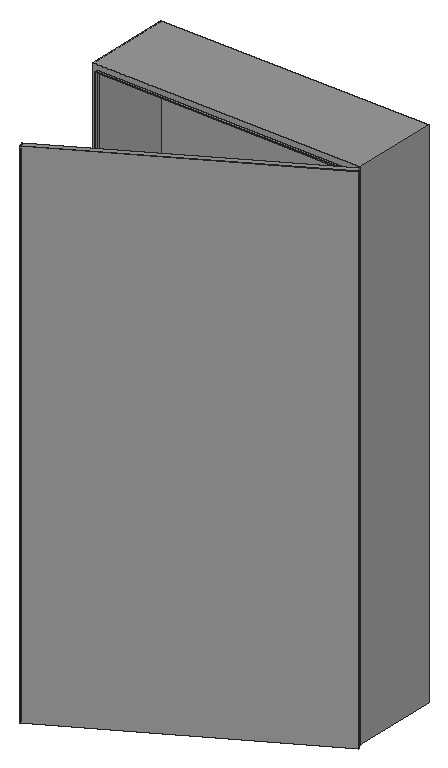
Revit family "Hager-Univers-IP55-D275-H1550-Cl.I-Steel_encl-NoHosted-DE-de", category Equipement électrique, Revit 2020
Family settings
  Configuration du panneau = Deux colonnes, circuits au sein
  Cote de connecteur circulaire = Utiliser le diamètre
  Type d'élément = Tableau de raccordement
  Basée sur le plan de construction = Oui
  Toujours verticalement = Oui
  Couper avec des vides une fois chargée = Non
  Partagée = Non
  Point de calcul de pièce = Non
Parameters (values of type "Aufputz IP55 B800 H1550 T275  - FR03E")
  Width Control [instance] = if([EF000008 - Breite] > Min Width, [EF000008 - Breite], Min Width)  # 800 mm
  Commentaires du type = [HG000003 - Bereich]  # "Univers"
  Thickness Door [instance] = if([EF009171 - Materialstärke Tür/Deckel] > 3 mm, 3 mm, [EF009171 - Materialstärke Tür/Deckel])  # 1.5 mm
  Seal Frame Offset [instance] = 17 mm  # constant formula
  Plinth Visibility [instance] = [HG000027 - Sockelhöhe] > 0 mm  # no
  Min Width [instance] = 100 mm  # constant formula
  Min Depth [instance] = (2 * [EF009170 - Materialstärke Gehäuse]) + 1 mm  # 4 mm
  Min Height [instance] = 100 mm  # constant formula
  Internal Frame Depth [instance] = (Door System Depth * 0.5)  # 9 mm
  Panel Name [instance] = ""  # (empty or 0)
  Model = ""
  HG000027 - Sockelhöhe = 0 mm
  HG000026 - Stehend auf dem Boden = no
  HG000024 - Höhe des unteren Teils = 600 mm
  HG000023 - Gehäuse mit doppeltem Querschnitt = no
  HG000016 - 3D-Türsichtbarkeit [instance] = yes
  HG000015 - Sichtbarkeit der Türöffnung [instance] = no
  HG000014 - Tür rechts [instance] = yes
  HG000013 - Tür links [instance] = not([HG000014 - Tür rechts])  # no
  HG000012 - Türschwenkwinkel [instance] = 30.00°
  HG000010 - Asymmetrische Türen = no
  HG000009 - Doppelflügeligen Tür = no
  HG000006 - Unterputz = no
  HG000004 - Herstellerreferenz = "FR03E"
  HG000003 - Bereich = "Univers"
  HG000002 - Mit tür = yes
  Frame Offset Bottom [instance] = 10 mm  # constant formula
  Frame Offset [instance] = 15 mm  # constant formula
  EF015940 - Deckel mit Überdruckentlastung = no
  EF011959 - Schutzart (NEMA) = ""
  EF009554 - Anzahl der Öffnungen für Flanschplatten = 6
  EF009212 - Ausführung Deckel = "EV000116 - geschlossen"
  EF009171 - Materialstärke Tür/Deckel = 1.5 mm
  EF009170 - Materialstärke Gehäuse = 1.5 mm
  EF008873 - Nennstrom (In) = 800 A
  EF007800 - Geeignet für Blitzschutz = no
  EF006306 - Mit Schloss = no
  EF006244 - Transparenter Deckel/Tür = no
  EF005474 - Schutzart (IP) = "EV006420 - IP55"
  EF004464 - Art der Tür = "EV002646 - Einzel"
  EF004427 - Anzahl der Module = 360
  EF004293 - Schlagfestigkeit = "EV008784 - IK10"
  EF003532 - Geeignet für Außengebrauch = no
  EF002950 - Breite in Teilungseinheiten = 24
  EF001613 - Funktionserhalt = "EV000494 - ohne"
  EF001596 - Werkstoff des Gehäuses = "EV000179 - Stahl"
  EF001131 - Innentiefe = 275 mm
  EF001088 - Anbaumöglichkeit = yes
  EF000437 - Anzahl der Leitungseinführungen = 6
  EF000339 - Art der Abdeckung = "EV004216 - Tür"
  EF000266 - Anzahl der Reihen = 10
  EF000218 - Einbautiefe = 0 mm
  EF000118 - Mit Montageplatte = no
  EF000116 - RAL-Nummer = "7035"
  EF000049 - Tiefe = 275 mm
  EF000040 - Höhe = 1550 mm
  EF000008 - Breite = 800 mm
  EF000007 - Farbe = "EV000270 - grau"
  EF000003 - Montageart = "EV000384 - Aufputz"
  Door System Leaf Tolerance [instance] = 1.5 mm  # constant formula
  Door System Depth [instance] = 18 mm  # constant formula
  Door Height [instance] = Height Control - [HG000027 - Sockelhöhe]  # 1550 mm
  Description = ""
  Default Elevation = 1219.2 mm
  Connector Offset [instance] = Height Control / 2  # 775 mm
  Fabricant = "Hager"  # constant formula
  Height Control [instance] = if([EF000040 - Höhe] > Min Height, [EF000040 - Höhe], Min Height)  # 1550 mm
  Depth Control [instance] = if([EF000049 - Tiefe] > Min Depth, [EF000049 - Tiefe], Min Depth)  # 275 mm
  Bottom Top Plate Trim [instance] = 1.5 mm  # constant formula
  Plinth height Ctrl [instance] = if([HG000027 - Sockelhöhe] > 0 mm, [HG000027 - Sockelhöhe], 12 mm)  # 12 mm
Types (5, lengths in mm): name | Width Control | HG000010 - Asymmetrische Türen | HG000009 - Doppelflügeligen Tür | HG000004 - Herstellerreferenz | EF009554 - Anzahl der Öffnungen für Flanschplatten | EF004464 - Art der Tür | EF004427 - Anzahl der Module | EF000437 - Anzahl der Leitungseinführungen | EF000008 - Breite
  Aufputz IP55 B1050 H1550 T275  - FR04E | 1050 | no | yes | "FR04E" | 8 | "EV003602 - Doppel" | 480 | 8 | 1050
  Aufputz IP55 B1300 H1550 T275  - FR05E | 1300 | yes | yes | "FR05E" | 10 | "EV003602 - Doppel" | 600 | 10 | 1300
  Aufputz IP55 B300 H1550 T275  - FR01E | 300 | no | no | "FR01E" | 2 | "EV002646 - Einzel" | 120 | 2 | 300
  Aufputz IP55 B550 H1550 T275  - FR02E | 550 | no | no | "FR02E" | 4 | "EV002646 - Einzel" | 240 | 4 | 550
  Aufputz IP55 B800 H1550 T275  - FR03E | 800 | no | no | "FR03E" | 6 | "EV002646 - Einzel" | 360 | 6 | 800
Reference planes
  plane 1 "Center (Front/Back)": y = 0
  plane 2: z = 0
  plane 3 "Center (Left/Right)": x = 0
  plane 4: y = 0
  plane 5: y = 0
  plane 6: z = 0
  plane 7: x = -400
  plane 8: x = 400
  plane 9: x = 398.5
  plane 10: x = -398.5
  plane 11: z = 0
  plane 12: z = 1.5
  plane 13: y = -275
  plane 14: y = -1.5
  plane 15: x = 0
  plane 16: y = -257
  plane 17: y = -273.5
  plane 18: y = -255.5
  plane 19: x = -383.5
  plane 20: x = 383.5
  plane 21: z = 11.5
  plane 22: x = -383
  plane 23: x = 383
  plane 24: z = 0
  plane 25: z = 1550
  plane 26: z = 1550
  plane 27: z = 1533.5
  plane 28: z = 1548.5
Forms (mm)
  Extrusion 1, solid, material "Hager_Steel_RAL7035_Light_Grey", detail levels medium+fine
    sketch origin (-208.679, -4572, 0) x (-1, 0, 0) y (0, -1, 0)
      loop
        line (191.321, -4315) -> (-608.679, -4315) -> (-608.679, -4572) -> (191.321, -4572) -> (191.321, -4315)
    from 0 to 1550
  Extrusion 2, void
    sketch origin (-350.771, -275, 1219.2) x (1, 0, 0) y (0, 0, 1)
      loop
        line (-47.729, 329.3) -> (-47.729, -1217.7) -> (749.271, -1217.7) -> (749.271, 329.3) -> (-47.729, 329.3)
    from -19.5 to -273.5
  Extrusion 3, void
    sketch origin (-290.084, -257, 1219.2) x (1, 0, 0) y (0, 0, 1)
      loop
        line (-93.416, -1207.7) -> (673.584, -1207.7) -> (673.584, 314.3) -> (-93.416, 314.3) -> (-93.416, -1207.7)
    from 0 to -1.5
  Extrusion 4, solid, material "Hager_Steel_RAL7035_Light_Grey", visible <- "Plinth Visibility", detail levels medium+fine
    sketch origin (0, 0, 0) x (1, 0, 0) y (0, 1, 0)
      loop
        line (-400, 0) -> (-400, -257) -> (400, -257) -> (400, 0) -> (-400, 0)
    from 0 to 12 <- "Plinth height Ctrl"
  Extrusion 5, solid, material "Hager_Steel_RAL7035_Light_Grey", detail levels coarse
    sketch origin (0, 0, 0) x (1, 0, 0) y (0, 1, 0)
      loop
        line (-400, 0) -> (-400, -275) -> (400, -275) -> (400, 0) -> (-400, 0)
    from 0 to 1550 <- "Height Control"
  Sweep 6, void
    path in 3D
      loop
        line (-400, -257, 12) -> (400, -257, 12) -> (400, 0, 12) -> (-400, 0, 12) -> (-400, -257, 12)
    profile origin (-400, -128.5, 12) x (1, 0, 0) y (0, 0, 1)
      loop
        line (0, 0) -> (0, -1.5) -> (1.5, -1.5)
        arc (1.5, -1.5) -> (1.061, -0.439) -> (0, 0) r 1.5
  Extrusion 7, solid, material "Hager_Steel_RAL7035_Light_Grey", detail levels fine
    sketch origin (-400, -257, 0) x (1, 0, 0) y (0, 0, 1)
      loop
        line (16.5, 11.5) -> (783.5, 11.5) -> (783.5, 1533.5) -> (16.5, 1533.5) -> (16.5, 11.5)
      loop
        line (15, 10) -> (785, 10) -> (785, 1535) -> (15, 1535) -> (15, 10)
    from 0 to 9 <- "Internal Frame Depth"
Cuts and joins
  Extrusion 2, Extrusion 3 cuts Extrusion 1
  Sweep 6 cuts Extrusion 4
Lines and regions (mm)
  Masking region 1
    outline origin (0, 0, 0) x (1, 0, 0) y (0, 1, 0)
      loop
        line (-400, 0) -> (-400, -275) -> (400, -275) -> (400, 0) -> (-400, 0)
  Masking region 2, detail levels coarse
    outline origin (-290.084, -257, 1219.2) x (-1, 0, 0) y (0, 0, 1)
      loop
        line (-690.084, -1219.2) -> (109.916, -1219.2) -> (109.916, 330.8) -> (-690.084, 330.8) -> (-690.084, -1219.2)
  Masking region 3, detail levels coarse
    outline origin (0, 0, 0) x (0, 1, 0) y (0, 0, 1)
      loop
        line (0, 0) -> (0, 1550) -> (-275, 1550) -> (-275, 0) -> (0, 0)
  Masking region 4, visible <- "Plinth Visibility", detail levels medium+fine
    outline origin (0, 0, 0) x (0, 1, 0) y (0, 0, 1)
      loop
        line (-1.5, 12) -> (-255.5, 12)
        arc (-255.5, 12) -> (-255.939, 10.939) -> (-257, 10.5) r 1.5
        line (-257, 10.5) -> (-257, 0) -> (0, 0) -> (0, 10.5)
        arc (0, 10.5) -> (-1.061, 10.939) -> (-1.5, 12) r 1.5
  Masking region 5, detail levels medium+fine
    outline origin (0, 0, 594.038) x (0, 1, 0) y (0, 0, 1)
      loop
        line (0, -594.038) -> (0, 955.962) -> (-257, 955.962) -> (-257, -594.038) -> (0, -594.038)
  Masking region 6, detail levels medium+fine
    outline origin (-359.7, -257, 1211.883) x (-1, 0, 0) y (0, 0, 1)
      loop
        line (-759.7, -1211.883) -> (40.3, -1211.883) -> (40.3, 338.117) -> (-759.7, 338.117) -> (-759.7, -1211.883)
  Masking region 7, visible <- "Plinth Visibility", detail levels medium+fine
    outline origin (-320.334, -257, 1041.368) x (-1, 0, 0) y (0, 0, 1)
      loop
        line (-720.334, -1041.368) -> (79.666, -1041.368) -> (79.666, -1030.868)
        arc (79.666, -1030.868) -> (78.606, -1030.429) -> (78.166, -1029.368) r 1.5
        line (78.166, -1029.368) -> (-718.834, -1029.368)
        arc (-718.834, -1029.368) -> (-719.273, -1030.429) -> (-720.334, -1030.868) r 1.5
        line (-720.334, -1030.868) -> (-720.334, -1041.368)
  sketch lines
    curve 1: line (-400, 0, 12) -> (-400, -257, 12)
    curve 2: line (-400, -257, 12) -> (400, -257, 12)
    curve 3: line (400, 0, 12) -> (-400, 0, 12)
    curve 4: line (400, -257, 12) -> (400, 0, 12)
Dimensions and locks
  locked: plane 1 "Center (Front/Back)" to plane 5
  "EF009170 - Materialstärke Gehäuse": plane 7 to plane 10
  "EF009170 - Materialstärke Gehäuse": plane 8 to plane 9
  equal spacing: plane 7, plane 3 "Center (Left/Right)", plane 8
  "Width Control": plane 7 to plane 8
  "Depth Control": plane 4 to plane 13
  "EF009170 - Materialstärke Gehäuse": plane 4 to plane 14
  "Height Control": plane 25 to level
  "HG000027 - Sockelhöhe": plane 11 to level
  "EF009170 - Materialstärke Gehäuse": plane 12 to plane 11
  "EF009170 - Materialstärke Gehäuse": plane 17 to plane 13
  "EF009170 - Materialstärke Gehäuse": plane 18 to plane 16
  "Frame Offset Bottom": plane 21 to plane 12
  "Frame Offset": plane 10 to plane 19
  "Frame Offset": plane 9 to plane 20
  "Door System Depth": plane 16 to plane 13
  "Seal Frame Offset": plane 7 to plane 22
  "Seal Frame Offset": plane 8 to plane 23
  "EF009170 - Materialstärke Gehäuse": plane 26 to plane 28
  "Frame Offset": plane 28 to plane 27
  "Connector Offset": plane 2 to connector elem
  "Bottom Top Plate Trim": profile plane to Sweep 6 sketch curve
  "Bottom Top Plate Trim": Sweep 6 sketch curve to Sweep 6 sketch curve
  "Plinth height Ctrl": Masking region 4 sketch curve to level
  "Plinth height Ctrl": Masking region 7 sketch curve to level
  "Thickness Door": Extrusion 7 sketch curve to Extrusion 7 sketch curve  (x4)
  "Bottom Top Plate Trim": radius of Sweep 6 sketch curve
  "Bottom Top Plate Trim": radius of Masking region 4 sketch curve  (x2)
  "Bottom Top Plate Trim": radius of Masking region 7 sketch curve  (x2)
  aligned and locked: Extrusion 2 sketch curve to plane 12
  aligned and locked: Extrusion 2 sketch curve to plane 9
  aligned and locked: Extrusion 2 sketch curve to plane 10
  aligned and locked: Extrusion 2 to plane 14
  aligned and locked: Extrusion 1 sketch curve to plane 4
  aligned and locked: plane 8 to Extrusion 1 sketch curve
  aligned and locked: plane 7 to Extrusion 1 sketch curve
  aligned and locked: Extrusion 2 to plane 18
  aligned and locked: Extrusion 3 sketch curve to plane 19
  aligned and locked: plane 20 to Extrusion 3 sketch curve
  aligned and locked: Extrusion 3 to Extrusion 2
  aligned and locked: Extrusion 3 sketch curve to plane 21
  aligned and locked: plane 3 "Center (Left/Right)" to nested 1
  aligned and locked: Extrusion 1 sketch curve to plane 16
  aligned and locked: Extrusion 4 sketch curve to cut or joined group of Extrusion 1, Extrusion 2, Extrusion 3
  aligned and locked: Masking region 1 sketch curve to plane 7
  aligned and locked: Masking region 1 sketch curve to plane 5
  aligned and locked: Masking region 1 sketch curve to plane 8
  aligned and locked: Masking region 2 sketch curve to level
  aligned and locked: level to Masking region 3 sketch curve
  aligned and locked: plane 1 "Center (Front/Back)" to Masking region 3 sketch curve
  aligned and locked: plane 13 to Masking region 3 sketch curve
  aligned and locked: plane 5 to Masking region 4 sketch curve
  aligned and locked: Masking region 2 sketch curve to plane 8
  aligned and locked: Masking region 2 sketch curve to plane 7
  aligned and locked: plane 7 to nested 2
  aligned and locked: nested 2 to plane 5
  aligned and locked: plane 5 to Masking region 5 sketch curve
  aligned and locked: plane 26 to Masking region 5 sketch curve
  aligned and locked: Extrusion 5 sketch curve to plane 8
  aligned and locked: Extrusion 5 sketch curve to plane 7
  aligned and locked: Extrusion 5 sketch curve to plane 5
  aligned and locked: Extrusion 3 sketch curve to plane 27
  aligned and locked: Extrusion 2 sketch curve to plane 28
  aligned and locked: Masking region 2 to plane 25
  aligned and locked: Extrusion 4 to plane 16
  aligned and locked: profile plane to Sweep 6 sketch curve
  aligned and locked: Masking region 5 sketch curve to plane 24
  aligned and locked: level to Masking region 4 sketch curve
  aligned and locked: Masking region 1 to plane 13
  aligned and locked: nested 1 to plane 16
  aligned and locked: Masking region 3 to plane 25
  aligned and locked: plane 16 to Masking region 4 sketch curve
  aligned and locked: Masking region 5 sketch curve to plane 16
  aligned and locked: plane 24 to plane 11
  aligned and locked: plane 26 to plane 25
  aligned and locked: plane 26 to cut or joined group of Extrusion 1, Extrusion 2, Extrusion 3
  aligned and locked: nested 1 to plane 24
  aligned and locked: Extrusion 1 to Extrusion 3
  aligned and locked: Masking region 6 sketch curve to plane 8
  aligned and locked: Masking region 6 sketch curve to plane 24
  aligned and locked: Masking region 6 sketch curve to plane 7
  aligned and locked: Masking region 6 sketch curve to plane 26
  aligned and locked: Masking region 7 sketch curve to plane 7
  aligned and locked: level to Masking region 7 sketch curve
  aligned and locked: Masking region 7 sketch curve to plane 8
  aligned and locked: Extrusion 7 sketch curve to cut or joined group of Extrusion 1, Extrusion 2, Extrusion 3  (x4)
Automatic sketch dimensions
  plane 19 to Extrusion 3 sketch curve = 0 mm
  Extrusion 3 sketch curve to plane 20 = 0 mm
  Extrusion 3 sketch curve to plane 21 = 0 mm
  Extrusion 4 sketch curve to plane 7 = 0 mm
  Extrusion 4 sketch curve to plane 8 = 0 mm
  Extrusion 4 sketch curve to plane 16 = 0 mm
  Masking region 1 sketch curve to plane 13 = 0 mm
  Masking region 2 sketch curve to plane 25 = 0 mm
  Masking region 3 sketch curve to plane 25 = 0 mm
  Extrusion 5 sketch curve to plane 13 = 0 mm
  profile plane to Sweep 6 sketch curve = 0 mm
Nested families
  nested 1: "EC000058_Univers_Door" at (0, -257, 0), Double <- "HG000009 - Doppelflügeligen Tür", Transparent <- "EF006244 - Transparenter Deckel/Tür", Angle <- "HG000012 - Türschwenkwinkel", Door_Right <- "HG000014 - Tür rechts", Assymetrical <- "HG000010 - Asymmetrische Türen", Door <- "HG000002 - Mit tür", Width_Ctrl <- "Width Control", 3d_Door <- "HG000016 - 3D-Türsichtbarkeit", Clearance <- "HG000015 - Sichtbarkeit der Türöffnung", Door_Left <- "HG000013 - Tür links", Width <- "Width Control", Door_Depth <- "Door System Depth", Leaf_Tolerance <- "Door System Leaf Tolerance", Height <- "Door Height", Lock_Visibility <- "EF006306 - Mit Schloss", Thickness <- "Thickness Door", type "EC000058_Univers_Door", detail levels medium+fine
    with min_wh 4 mm, Width_Ctrl 800 mm, Width 800 mm, Transparent no, Thickness 1.5 mm, Seal_Material Hager_Rubber, Lock_Visibility no, Lock_Material Hager_Plastic_RAL9005_Jet_Black, Leaf_Width 800 mm, Leaf_Tolerance_External_Sides 0 mm, Leaf_Tolerance 1.5 mm, Leaf_Offset 0 mm, Leaf_Height 1547 mm, Leaf_2_Width 800 mm, Leaf_2_Offset 400 mm, Leaf_1_Width 800 mm, Leaf_1_Offset 400 mm, Height_Ctrl 1550 mm, Height 1550 mm, Glass_Material Hager_Glass, Double_Clearance_Ctrl no, Double no, Door_Right_Ctrl yes, Door_Right yes, Door_Material Hager_Steel_RAL7035_Light_Grey, Door_Left_Ctrl no, Door_Left no, Door_Depth 18 mm, Door yes, Clearance_Material Hager_Clearance, Clearance_Depth 800 mm, Clearance_Ctrl no, Clearance no, Assymetrical no, Angle 30.00°, 3d_Door yes
  nested 2: "Hager_Enclosure_Symbol" at (-400, 0, 0), Height <- "Depth Control", Width <- "Width Control", type "Hager_Enclosure_Symbol"
    with Width_Ctrl 800 mm, Width 800 mm, Height_Ctrl 275 mm, Height 275 mm, A_Width_Int 18.047 mm, A_Width 216.562 mm, A_Height_Ctrl 240.625 mm, A_Height 240.625 mm
Connectors
  electrical at (0, 0, 775)
    settings: on plane 1 "Center (Front/Back)", index 1, voltage 0 V, apparent load 0 VA, apparent load phase1 0 VA, apparent load phase2 0 VA, apparent load phase3 0 VA, power factor 1, load classification "Other", number of poles 1, system type 30, power factor state 1, is connector primary yes, connector utility no, sub classification motor no, connector description ""
Definition of nested family "EC000058_Univers_Door"
  Parameters (values of type "EC000058_Univers_Door")
    min_wh [instance] = (2 * Thickness) + 1 mm  # 11 mm
    Width_Ctrl [instance] = 400 mm
    Width [instance] = 500 mm
    Transparent [instance] = yes
    Thickness [instance] = 5 mm
    Seal_Material [instance] = none
    Lock_Visibility [instance] = yes
    Lock_Material [instance] = none
    Leaf_Width [instance] = if((Width_Ctrl - 2 * Leaf_Tolerance_External_Sides) > 0 mm, (Width_Ctrl - 2 * Leaf_Tolerance_External_Sides), min_wh)  # 400 mm
    Leaf_Tolerance_External_Sides [instance] = 0 mm  # constant formula
    Leaf_Tolerance [instance] = 1.5 mm
    Leaf_Offset [instance] = 0 mm  # constant formula
    Leaf_Height [instance] = if((Height_Ctrl - 2 * Leaf_Tolerance) > 0 mm, (Height_Ctrl - 2 * Leaf_Tolerance), min_wh)  # 497 mm
    Leaf_2_Width [instance] = if(and(and(Double, Assymetrical), Door_Left), (Leaf_Width / 3) - (Leaf_Tolerance / 2), if(and(and(Double, Assymetrical), Door_Right), (Leaf_Width / 3) * 2 - (Leaf_Tolerance / 2), if(and(Double, not(Assymetrical)), (Leaf_Width / 2) - Leaf_Tolerance, Leaf_Width)))  # 400 mm
    Leaf_2_Offset [instance] = if(and(Double, Assymetrical), Leaf_2_Width / 2, if(and(Double, not(Assymetrical)), Leaf_Width / 4, Leaf_Width / 2))  # 200 mm
    Leaf_1_Width [instance] = if(and(and(Double, Assymetrical), Door_Right), (Leaf_Width / 3) - (Leaf_Tolerance / 2), if(and(and(Double, Assymetrical), Door_Left), (Width / 3) * 2 - (Leaf_Tolerance / 2), if(and(Double, not(Assymetrical)), (Leaf_Width / 2) - Leaf_Tolerance, Leaf_Width)))  # 400 mm
    Leaf_1_Offset [instance] = if(and(Double, Assymetrical), Leaf_1_Width / 2, if(and(Double, not(Assymetrical)), Leaf_Width / 4, Leaf_Width / 2))  # 200 mm
    Height_Ctrl [instance] = if(Height > min_wh, Height, min_wh)  # 500 mm
    Height [instance] = 500 mm
    Glass_Material [instance] = none
    Double_Clearance_Ctrl [instance] = and(Double, Clearance)  # no
    Double [instance] = no
    Door_Right_Ctrl [instance] = and(or(Door_Right, Double), Door)  # yes
    Door_Right [instance] = yes
    Door_Material [instance] = none
    Door_Left_Ctrl [instance] = and(or(Door_Left, Double), Door)  # no
    Door_Left [instance] = no
    Door_Depth [instance] = 30 mm
    Door [instance] = yes
    Default Elevation = 1219.2 mm
    Clearance_Material [instance] = none
    Clearance_Depth [instance] = if(Leaf_1_Width > Leaf_2_Width, Leaf_1_Width, Leaf_2_Width)  # 400 mm
    Clearance_Ctrl [instance] = and(not(Double), Clearance)  # yes
    Clearance [instance] = yes
    Assymetrical [instance] = yes
    Angle [instance] = 30.00°
    3d_Door [instance] = yes
  Reference planes
    plane 1 "Center (Front/Back)": y = 0
    plane 2 "Bottom": z = 0
    plane 3 "Center (Left/Right)": x = 0
    plane 4: z = 500
    plane 5: x = -200
    plane 6: x = 200
    plane 7: z = 500
    plane 8: x = -200
    plane 9: z = 0
    plane 10: x = 200
    plane 11: y = 0
    plane 12: z = 1.5
    plane 13: x = -600
    plane 14: y = -400
    plane 15: x = 600
    plane 16: x = 0
    plane 17: x = 0
    plane 18: x = -200
    plane 19: x = 200
    plane 20: z = 498.5
  Forms (mm)
    Extrusion 1, solid, material <- "Clearance_Material", visible <- "Double_Clearance_Ctrl"
      sketch origin (1200, 0, 0) x (1, 0, 0) y (0, 0, -1)
        loop
          line (-1800, -498.5) -> (-600, -498.5) -> (-600, 0) -> (-1800, 0) -> (-1800, -498.5)
      from 0 to -400
  Dimensions and locks
    equal spacing: plane 5, plane 3 "Center (Left/Right)", plane 6
    "Width_Ctrl": plane 5 to plane 6
    "Leaf_Offset": plane 5 to plane 8
    "Leaf_Offset": plane 6 to plane 10
    "Leaf_Offset": plane 9 to level
    "Leaf_Offset": plane 4 to plane 7
    "Height_Ctrl": plane 4 to level
    "Leaf_Tolerance": plane 12 to plane 9
    locked: plane 11 to plane 1 "Center (Front/Back)"
    "Leaf_1_Offset": plane 18 to plane 16
    "Leaf_2_Offset": plane 17 to plane 19
    "Leaf_1_Width": plane 13 to plane 8
    "Leaf_2_Width": plane 10 to plane 15
    "Clearance_Depth": plane 14 to plane 1 "Center (Front/Back)"
    "Leaf_Tolerance_External_Sides": plane 8 to plane 18
    "Leaf_Tolerance_External_Sides": plane 19 to plane 10
    "Leaf_Tolerance": plane 7 to plane 20
    aligned and locked: level to plane 2 "Bottom"
    aligned and locked: nested 1 to plane 16
    aligned and locked: nested 2 to plane 17
    aligned and locked: Extrusion 1 to plane 13
    aligned and locked: plane 15 to Extrusion 1
    aligned and locked: Extrusion 1 to plane 14
    aligned and locked: plane 12 to nested 1
    aligned and locked: nested 2 to plane 12
    aligned and locked: Extrusion 1 to plane 11
    aligned and locked: plane 20 to Extrusion 1
    aligned and locked: nested 2 to plane 11
    aligned and locked: nested 1 to plane 11
  Automatic sketch dimensions
    Extrusion 1 sketch curve to level = 0 mm
    plane 5 to Extrusion 1 sketch curve = 400 mm
    plane 6 to Extrusion 1 sketch curve = 400 mm
    Extrusion 1 sketch curve to plane 4 = 1.5 mm
  Nested families
    nested 1: "EC000058_Univers_Door_Leaf" at (0, 0, 1.5), Width <- "Leaf_1_Width", visible <- "Door_Left_Ctrl", Leaf_Height <- "Leaf_Height", Angle <- "Angle", 3d_Door <- "3d_Door", Transparent <- "Transparent", Clearance Material <- "Clearance_Material", Clearance <- "Clearance_Ctrl", Door_Material <- "Door_Material", Glass_Material <- "Glass_Material", Door_Depth <- "Door_Depth", Lock_Material <- "Lock_Material", Seal_Material <- "Seal_Material", Lock_Visibility <- "Lock_Visibility", Thickness <- "Thickness", type "EC000058_Univers_Door_Leaf"
      with Width 400 mm, Transparent_Glass_Offset 30 mm, Transparent_Ctrl yes, Transparent yes, Thickness 5 mm, Standard no, Seal_Material none, Seal_D2 8 mm, Seal_D1 1 mm, Offset_Internal_Frame 10 mm, Lock_Width 20 mm, Lock_Visibility_3d yes, Lock_Visibility yes, Lock_Thickness_3 3 mm, Lock_Thickness_2 1 mm, Lock_Thickness_1 3 mm, Lock_Radius_Offset_2 16 mm, Lock_Radius_Offset_1 15 mm, Lock_Radius_2 5 mm, Lock_Radius 6 mm, Lock_Offset 5 mm, Lock_Material none, Lock_Height 80 mm, Lock_Cover_Top_Offset_2d 17 mm, Lock_Cover_Height -65 mm, Leaf_Height 497 mm, Internal_Seal_Thickness 8 mm, Internal_Seal_Depth_2 4.5 mm, Internal_Frame_Depth 25 mm, Glass_Thickness -1 mm, Glass_Offset -2 mm, Glass_Material none, Door_Material none, Door_Depth 30 mm, Clearance Material none, Clearance yes, Angle_Ctrl 30.00°, Angle 30.00°, 3d_Door yes
    nested 2: "EC000058_Univers_Door_Leaf" at (0, 0, 1.5) x (-1, 0, 0) z (0, 0, 1), Width <- "Leaf_2_Width", visible <- "Door_Right_Ctrl", Leaf_Height <- "Leaf_Height", Angle <- "Angle", 3d_Door <- "3d_Door", Transparent <- "Transparent", Clearance Material <- "Clearance_Material", Clearance <- "Clearance_Ctrl", Door_Material <- "Door_Material", Glass_Material <- "Glass_Material", Door_Depth <- "Door_Depth", Lock_Material <- "Lock_Material", Seal_Material <- "Seal_Material", Lock_Visibility <- "Lock_Visibility", Thickness <- "Thickness", type "EC000058_Univers_Door_Leaf"
      with Width 400 mm, Transparent_Glass_Offset 30 mm, Transparent_Ctrl yes, Transparent yes, Thickness 5 mm, Standard no, Seal_Material none, Seal_D2 8 mm, Seal_D1 1 mm, Offset_Internal_Frame 10 mm, Lock_Width 20 mm, Lock_Visibility_3d yes, Lock_Visibility yes, Lock_Thickness_3 3 mm, Lock_Thickness_2 1 mm, Lock_Thickness_1 3 mm, Lock_Radius_Offset_2 16 mm, Lock_Radius_Offset_1 15 mm, Lock_Radius_2 5 mm, Lock_Radius 6 mm, Lock_Offset 5 mm, Lock_Material none, Lock_Height 80 mm, Lock_Cover_Top_Offset_2d 17 mm, Lock_Cover_Height -65 mm, Leaf_Height 497 mm, Internal_Seal_Thickness 8 mm, Internal_Seal_Depth_2 4.5 mm, Internal_Frame_Depth 25 mm, Glass_Thickness -1 mm, Glass_Offset -2 mm, Glass_Material none, Door_Material none, Door_Depth 30 mm, Clearance Material none, Clearance yes, Angle_Ctrl 30.00°, Angle 30.00°, 3d_Door yes
  Definition of nested family "EC000058_Univers_Door_Leaf"
    Parameters (values of type "EC000058_Univers_Door_Leaf")
      Width [instance] = 2000 mm
      Transparent_Glass_Offset [instance] = 30 mm
      Transparent_Ctrl [instance] = and(Transparent, [3d_Door])  # yes
      Transparent [instance] = yes
      Thickness [instance] = 5 mm
      Standard [instance] = and(not(Transparent), [3d_Door])  # no
      Seal_Material [instance] = none
      Seal_D2 [instance] = 8 mm  # constant formula
      Seal_D1 [instance] = 1 mm  # constant formula
      Offset_Internal_Frame [instance] = 10 mm  # constant formula
      Lock_Width [instance] = 20 mm  # constant formula
      Lock_Visibility_3d [instance] = and(Lock_Visibility, [3d_Door])  # yes
      Lock_Visibility [instance] = yes
      Lock_Thickness_3 [instance] = 3 mm  # constant formula
      Lock_Thickness_2 [instance] = 1 mm  # constant formula
      Lock_Thickness_1 [instance] = 3 mm  # constant formula
      Lock_Radius_Offset_2 [instance] = Lock_Radius_Offset_1 + 1 mm  # 16 mm
      Lock_Radius_Offset_1 [instance] = 15 mm  # constant formula
      Lock_Radius_2 [instance] = Lock_Radius - 1 mm  # 5 mm
      Lock_Radius [instance] = 6 mm  # constant formula
      Lock_Offset [instance] = 5 mm  # constant formula
      Lock_Material [instance] = none
      Lock_Height [instance] = 80 mm  # constant formula
      Lock_Cover_Top_Offset_2d [instance] = Lock_Radius_Offset_2 + 1 mm  # 17 mm
      Lock_Cover_Height [instance] = -(Lock_Height - Lock_Radius_Offset_1)  # -65 mm
      Leaf_Height [instance] = 2720.336 mm
      Internal_Seal_Thickness [instance] = 8 mm  # constant formula
      Internal_Seal_Depth_2 [instance] = 4.5 mm  # constant formula
      Internal_Frame_Depth [instance] = if(Door_Depth - Thickness > 5 mm, Door_Depth - Thickness, 5 mm)  # 25 mm
      Glass_Thickness [instance] = if(Thickness > 15 mm, Glass_Offset + 10 mm, -1 mm)  # -1 mm
      Glass_Offset [instance] = if(Thickness > 15 mm, -(Thickness + 10 mm) / 2, -2 mm)  # -2 mm
      Glass_Material [instance] = none
      Door_Material [instance] = none
      Door_Depth [instance] = 30 mm
      Default Elevation = 0 mm
      Clearance Material [instance] = none
      Clearance [instance] = yes
      Angle_Ctrl [instance] = if(Angle > 180.00°, 180.00°, Angle)  # 90.00°
      Angle [instance] = 90.00°
      3d_Door [instance] = yes
    Reference planes
      plane 1 "Center (Front/Back)": y = 0
      plane 2: z = 0
      plane 3 "Center (Left/Right)": x = 0
      plane 4: y = 2000
      plane 5: x = -1000
      plane 6: x = 1000
      plane 7: x = -3000
      plane 8: z = 2720.336
      plane 9: z = 30
      plane 10: z = 2690.336
      plane 11: x = 970
      plane 12: x = -970
      plane 13: y = -3
      plane 14: z = 107.833
      plane 15: y = -5
      plane 16: y = -223.314
      plane 17: x = -1000
      plane 18: z = 1360.168
      plane 19: y = 30
    Forms (mm)
      Extrusion 1, solid, material <- "Clearance Material", visible <- "Clearance"
        sketch origin (0, 0, 0) x (1, 0, 0) y (0, 0, 1)
          loop
            line (-3000, 2720.336) -> (-3000, 0) -> (1000, 0) -> (1000, 2720.336) -> (-3000, 2720.336)
        from 0 to -2000
      Extrusion 2, solid, material <- "Door_Material", visible <- "Standard", detail levels medium+fine
        sketch origin (-1000, 0, 0) x (0, 1, 0) y (-1, 0, 0)
          loop
            line (0, 30) -> (0, 25) -> (2000, 25) -> (2000, 30) -> (0, 30)
        from 0 to 2720.336 <- "Leaf_Height"
      Extrusion 3, solid, material <- "Door_Material", visible <- "Transparent_Ctrl", detail levels medium+fine
        sketch origin (-1000, 0, 0) x (0, 1, 0) y (-1, 0, 0)
          loop
            line (0, 25) -> (2000, 25) -> (2000, 30) -> (0, 30) -> (0, 25)
        from 0 to 2720.336 <- "Leaf_Height"
      Extrusion 4, void
        sketch origin (-1025, 2000, 0) x (0, 1, 0) y (0, 0, -1)
          loop
            line (-30, -2690.336) -> (-30, -30) -> (-1970, -30) -> (-1970, -2690.336) -> (-30, -2690.336)
        from 0 to 5 <- "Thickness"
      Sweep 5, solid, material <- "Seal_Material", visible <- "Transparent_Ctrl", detail levels fine
        path in 3D
          loop
            line (-1025, 30, 30) -> (-1025, 30, 2690.336) -> (-1025, 1970, 2690.336) -> (-1025, 1970, 30) -> (-1025, 30, 30)
        profile origin (-1025, 1000, 30) x (1, 0, 0) y (0, 0, 1)
          loop
            line (0, 0) -> (0, -8) -> (1, -8) -> (1, 0) -> (0, 0)
      Extrusion 6, solid, material <- "Glass_Material", visible <- "Transparent_Ctrl", detail levels medium+fine
        sketch origin (-1030, 0, 0) x (0, 1, 0) y (0, 0, -1)
          loop
            line (1970, -2690.336) -> (1970, -30) -> (30, -30) -> (30, -2690.336) -> (1970, -2690.336)
        from -2 <- "Glass_Offset" to -1 <- "Glass_Thickness"
      Extrusion 7, solid, material <- "Door_Material", visible <- "3d_Door", detail levels medium+fine
        sketch origin (-1025, 2000, 0) x (0, -1, 0) y (0, 0, -1)
          loop
            line (0, -2720.336) -> (2000, -2720.336) -> (2000, 0) -> (0, 0) -> (0, -2720.336)
          loop
            line (1995, -5) -> (5, -5) -> (5, -2715.336) -> (1995, -2715.336) -> (1995, -5)
        from 0 to 25 <- "Internal_Frame_Depth"
      Sweep 8, solid, material <- "Seal_Material", visible <- "Transparent_Ctrl", detail levels fine
        path in 3D
          loop
            line (-1025, 0, 0) -> (-1025, 2000, 0) -> (-1025, 2000, 2720.336) -> (-1025, 0, 2720.336) -> (-1025, 0, 0)
        profile origin (-1025, 0, 1360.168) x (1, 0, 0) y (0, 1, 0)
          loop
            line (0, 10) -> (2.975, 10)
            arc (2.975, 10) -> (4.053, 10.447) -> (4.5, 11.525) r 1.525
            line (4.5, 11.525) -> (4.5, 16.527)
            arc (4.5, 16.527) -> (4.069, 17.569) -> (3.027, 18) r 1.473
            line (3.027, 18) -> (0, 18) -> (0, 10)
      Extrusion 9, solid, material <- "Lock_Material", visible <- "Lock_Visibility_3d", detail levels fine
        sketch origin (-1030, 0, 0) x (0, 1, 0) y (0, 0, -1)
          loop
            arc (1993.5, -1400.168) -> (1994.561, -1399.729) -> (1995, -1398.668) r 1.5
            line (1995, -1398.668) -> (1995, -1320.168) -> (1975, -1320.168) -> (1975, -1398.668)
            arc (1975, -1398.668) -> (1975.439, -1399.729) -> (1976.5, -1400.168) r 1.5
            line (1976.5, -1400.168) -> (1993.5, -1400.168)
        from 3 <- "Lock_Thickness_1" to 0
      Blend 10, solid, material <- "Lock_Material", visible <- "Lock_Visibility_3d", detail levels fine
        base sketch origin (-1033, 0, 0) x (0, 1, 0) y (0, 0, -1)
          loop
            line (1975, -1320.168) -> (1975, -1398.668)
            arc (1975, -1398.668) -> (1975.439, -1399.729) -> (1976.5, -1400.168) r 1.5
            line (1976.5, -1400.168) -> (1993.5, -1400.168)
            arc (1993.5, -1400.168) -> (1994.561, -1399.729) -> (1995, -1398.668) r 1.5
            line (1995, -1398.668) -> (1995, -1320.168) -> (1975, -1320.168)
        top sketch origin (-1033, 0, 0) x (0, 1, 0) y (0, 0, -1)
          loop
            line (1976, -1320.168) -> (1976, -1398.668)
            arc (1976, -1398.668) -> (1976.146, -1399.022) -> (1976.5, -1399.168) r 0.5
            line (1976.5, -1399.168) -> (1993.5, -1399.168)
            arc (1993.5, -1399.168) -> (1993.854, -1399.022) -> (1994, -1398.668) r 0.5
            line (1994, -1398.668) -> (1994, -1320.168) -> (1976, -1320.168)
        from 0 to 1 <- "Lock_Thickness_2"
      Blend 11, solid, material <- "Lock_Material", visible <- "Lock_Visibility_3d", detail levels fine
        base sketch origin (-1034, 0, 0) x (0, 1, 0) y (0, 0, -1)
          loop
            line (1978, -1320.168) -> (1978, -1384.168)
            arc (1978, -1384.168) -> (1985, -1391.168) -> (1992, -1384.168) r 7
            line (1992, -1384.168) -> (1992, -1320.168) -> (1978, -1320.168)
        top sketch origin (-1034, 0, 0) x (0, 1, 0) y (0, 0, -1)
          loop
            line (1991, -1320.168) -> (1979, -1320.168) -> (1979, -1383.168)
            arc (1979, -1383.168) -> (1985, -1389.168) -> (1991, -1383.168) r 6
            line (1991, -1383.168) -> (1991, -1320.168)
        from 0 to 3 <- "Lock_Thickness_3"
      Extrusion 12, solid, material <- "Lock_Material", visible <- "Lock_Visibility_3d", detail levels fine
        sketch origin (-1030, 1975, 1320.168) x (1, 0, 0) y (0, -1, 0)
          loop
            line (-7, -19) -> (-7, -1) -> (0, -1) -> (0, 0) -> (-8, 0) -> (-8, -20) -> (0, -20) -> (0, -19) -> (-7, -19)
        from 0 to -65 <- "Lock_Cover_Height"
      Extrusion 13, void
        sketch origin (-1038, 1995, 1320.168) x (-1, 0, 0) y (0, 0, -1)
          loop
            line (-5, -65) -> (0, -65) -> (-5, -60) -> (-5, -65)
        from 0 to 20 <- "Lock_Width"
      Extrusion 14, void
        sketch origin (-1038, 1975, 1320.168) x (0, -1, 0) y (0, 0, -1)
          loop
            circle (-10, -15.995) r 6
          loop
            circle (-10, -15.995) r 5
        from 0 to 2
      Extrusion 15, solid, material <- "Lock_Material", visible <- "Lock_Visibility_3d", detail levels medium
        sketch origin (-1030, 0, 0) x (0, 1, 0) y (0, 0, -1)
          loop
            arc (1993.5, -1400.168) -> (1994.561, -1399.729) -> (1995, -1398.668) r 1.5
            line (1995, -1398.668) -> (1995, -1320.168) -> (1975, -1320.168) -> (1975, -1398.668)
            arc (1975, -1398.668) -> (1975.439, -1399.729) -> (1976.5, -1400.168) r 1.5
            line (1976.5, -1400.168) -> (1993.5, -1400.168)
        from 8 to 0
    Cuts and joins
      Extrusion 4 cuts Extrusion 3
      Extrusion 13, Extrusion 14 cuts Extrusion 9
      Extrusion 14 cuts Blend 11
      Extrusion 13, Extrusion 14 cuts Extrusion 12
      joined: Extrusion 9, Blend 10, Blend 11, Extrusion 12
      Extrusion 14 cuts Extrusion 15
    Lines and regions (mm)
      Masking region 1, visible <- "Lock_Visibility", detail levels fine
        outline origin (0, 0, 0) x (0, 1, 0) y (0, 0, 1)
          loop
            line (30, 1320.168) -> (33, 1320.168) -> (33, 1400.168) -> (30, 1400.168) -> (30, 1320.168)
      Masking region 2, visible <- "Lock_Visibility", detail levels fine
        outline origin (0, 3.143, 0) x (0, 1, 0) y (0, 0, 1)
          loop
            line (29.857, 1354.168) -> (30.857, 1354.168) -> (30.857, 1366.168) -> (29.857, 1366.168) -> (29.857, 1354.168)
      Masking region 3, detail levels medium+fine
        outline origin (0, 0, 0) x (0, 1, 0) y (0, 0, 1)
          loop
            line (0, 0) -> (30, 0) -> (30, 2720.336) -> (0, 2720.336) -> (0, 0)
      Masking region 4, detail levels medium+fine
        outline origin (0, 0, 0) x (1, 0, 0) y (0, 0, 1)
          loop
            line (-1000, 2720.336) -> (-1000, 0) -> (1000, 0) -> (1000, 2720.336) -> (-1000, 2720.336)
      Masking region 5, visible <- "Lock_Visibility", detail levels fine
        outline origin (-47.116, 0, 0) x (1, 0, 0) y (0, 0, 1)
          loop
            arc (1024.616, 1399.168) -> (1023.556, 1398.729) -> (1023.116, 1397.668) r 1.5
            line (1023.116, 1397.668) -> (1023.116, 1320.168) -> (1041.116, 1320.168) -> (1041.116, 1397.668)
            arc (1041.116, 1397.668) -> (1040.677, 1398.729) -> (1039.616, 1399.168) r 1.5
            line (1039.616, 1399.168) -> (1024.616, 1399.168)
      Masking region 6, visible <- "Lock_Visibility", detail levels medium+fine
        outline origin (-25, 0, 0) x (1, 0, 0) y (0, 0, 1)
          loop
            arc (1001.5, 1400.168) -> (1000.439, 1399.729) -> (1000, 1398.668) r 1.5
            line (1000, 1398.668) -> (1000, 1320.168) -> (1020, 1320.168) -> (1020, 1398.668)
            arc (1020, 1398.668) -> (1019.561, 1399.729) -> (1018.5, 1400.168) r 1.5
            line (1018.5, 1400.168) -> (1001.5, 1400.168)
      Masking region 7, visible <- "Lock_Visibility", detail levels fine
        outline origin (-73.735, 0, 0) x (1, 0, 0) y (0, 0, 1)
          loop
            line (1051.735, 1382.168) -> (1065.735, 1382.168) -> (1065.735, 1384.168)
            arc (1065.735, 1384.168) -> (1058.735, 1391.168) -> (1051.735, 1384.168) r 7
            line (1051.735, 1384.168) -> (1051.735, 1382.168)
      Masking region 8, visible <- "Lock_Visibility", detail levels fine
        outline origin (-73.735, 0, 0) x (1, 0, 0) y (0, 0, 1)
          loop
            line (1052.735, 1382.168) -> (1064.735, 1382.168) -> (1064.735, 1383.168)
            arc (1064.735, 1383.168) -> (1058.735, 1389.168) -> (1052.735, 1383.168) r 6
            line (1052.735, 1383.168) -> (1052.735, 1382.168)
      Masking region 9, visible <- "Lock_Visibility", detail levels fine
        outline origin (-25, 0, 0) x (1, 0, 0) y (0, 0, 1)
          loop
            line (1020, 1320.168) -> (1020, 1382.168) -> (1000, 1382.168) -> (1000, 1320.168) -> (1020, 1320.168)
      Masking region 10, detail levels medium+fine
        outline origin (0, 0, 0) x (1, 0, 0) y (0, 0, 1)
          loop
            circle (985, 1335.144) r 6
      Masking region 11, detail levels fine
        outline origin (0, 0, 0) x (1, 0, 0) y (0, 0, 1)
          loop
            circle (985, 1335.144) r 5
      Masking region 12, visible <- "Lock_Visibility", detail levels fine
        outline origin (0, 12.767, 0) x (0, 1, 0) y (0, 0, 1)
          loop
            line (20.233, 1320.168) -> (21.233, 1320.168) -> (21.233, 1399.168) -> (20.233, 1400.168) -> (20.233, 1320.168)
      Masking region 13, visible <- "Lock_Visibility", detail levels fine
        outline origin (0, 13.767, -10) x (0, 1, 0) y (0, 0, 1)
          loop
            line (20.233, 1330.168) -> (23.233, 1330.168) -> (23.233, 1399.168) -> (20.233, 1402.168) -> (20.233, 1330.168)
      Masking region 14, visible <- "Lock_Visibility", detail levels fine
        outline origin (0, 12.767, -10) x (0, 1, 0) y (0, 0, 1)
          loop
            line (20.233, 1330.168) -> (25.233, 1330.168) -> (25.233, 1399.305) -> (20.233, 1394.305) -> (20.233, 1330.168)
      Masking region 15, visible <- "Lock_Visibility", detail levels medium
        outline origin (0, 0, 0) x (0, 1, 0) y (0, 0, 1)
          loop
            line (30, 1320.168) -> (38, 1320.168) -> (38, 1400.168) -> (30, 1400.168) -> (30, 1320.168)
      Masking region 16, visible <- "Lock_Visibility", detail levels fine
        outline origin (-1000, 0, 0) x (0, 1, 0) y (-1, 0, 0)
          loop
            line (1975, 30) -> (1995, 30) -> (1995, 38) -> (1975, 38) -> (1975, 30)
          loop
            line (1979, 37) -> (1976, 37) -> (1976, 34) -> (1978, 34) -> (1979, 37)
          loop
            line (1994, 37) -> (1991, 37) -> (1992, 34) -> (1994, 34) -> (1994, 37)
      Masking region 17, visible <- "Lock_Visibility", detail levels medium
        outline origin (-1000, 0, 0) x (0, 1, 0) y (-1, 0, 0)
          loop
            line (1975, 30) -> (1995, 30) -> (1995, 38) -> (1975, 38) -> (1975, 30)
      symbolic lines
        curve 1: line (1000, 0, 0) -> (-3000, 0, 0)
        curve 2: arc (1000, 0, 0) -> (-1000, 2000, 0) -> (-3000, 0, 0) r 2000
        curve 4: line (-1030, 0, 0) -> (-1030, 2000, 0)
      reference lines
        curve 3: line (-1000, 0, 0) -> (-1000, 2000, 0)
      symbolic lines, detail levels medium+fine
        curve 5: line (-1030, 2000, 0) -> (-1025, 2000, 0)
        curve 7: line (-1025, 0, 0) -> (-1030, 0, 0)
        curve 8: line (-1025, 0, 0) -> (-1000, 0, 0)
        curve 9: line (-1000, 0, 0) -> (-1000, 2000, 0)
        curve 10: line (-1000, 2000, 0) -> (-1025, 2000, 0)
      symbolic lines, detail levels fine
        curve 6: line (-1025, 2000, 0) -> (-1025, 0, 0)
      sketch lines
        curve 11: line (-1025, 0, 2720.336) -> (-1025, 0, 0)
        curve 12: line (-1025, 2000, 0) -> (-1025, 0, 0)
        curve 13: line (-1025, 2000, 2720.336) -> (-1025, 2000, 0)
        curve 14: line (-1025, 0, 2720.336) -> (-1025, 2000, 2720.336)
        curve 15: line (-1025, 1970, 30) -> (-1025, 30, 30)
        curve 16: line (-1025, 30, 30) -> (-1025, 30, 2690.336)
        curve 17: line (-1025, 1970, 2690.336) -> (-1025, 1970, 30)
        curve 18: line (-1025, 30, 2690.336) -> (-1025, 1970, 2690.336)
      symbolic lines, visible <- "Transparent", detail levels medium+fine
        curve 19: line (-970, 0, 2690.336) -> (970, 0, 2690.336)
        curve 20: line (-970, 0, 30) -> (-970, 0, 2690.336)
        curve 21: line (970, 0, 30) -> (-970, 0, 30)
        curve 22: line (970, 0, 2690.336) -> (970, 0, 30)
    Dimensions and locks
      "Width": plane 1 "Center (Front/Back)" to plane 4
      equal spacing: plane 5, plane 3 "Center (Left/Right)", plane 6
      "Width": plane 5 to plane 6
      "Width": plane 7 to plane 5
      "Leaf_Height": plane 8 to level
      "Width": curve 5 to curve 3
      "Width": curve 3 to curve 3
      plane 8 to plane 10 = 30 mm
      plane 9 to level = 30 mm
      plane 12 to plane 5 = 30 mm
      plane 6 to plane 11 = 30 mm
      Extrusion 1 to Extrusion 4 sketch curve = 30 mm
      "Transparent_Glass_Offset": curve 3 to Extrusion 4 sketch curve
      "Transparent_Glass_Offset": Extrusion 4 sketch curve to cut or joined group of Extrusion 3, Extrusion 4  (x2)
      cut or joined group of Extrusion 3, Extrusion 4 to Extrusion 6 sketch curve = 30 mm
      "Transparent_Glass_Offset": cut or joined group of Extrusion 3, Extrusion 4 to Extrusion 4 sketch curve
      "Thickness": curve 6 to curve 4
      "Thickness": Extrusion 7 sketch curve to Extrusion 7 sketch curve  (x4)
      "Door_Depth": curve 4 to curve 3
      "Offset_Internal_Frame": profile plane to Sweep 8 sketch curve
      "Internal_Seal_Thickness": Sweep 8 sketch curve to Sweep 8 sketch curve
      "Internal_Seal_Depth_2": profile plane to Sweep 8 sketch curve
      "Seal_D1": profile plane to Sweep 5 sketch curve
      "Seal_D2": profile plane to Sweep 5 sketch curve
      "Thickness": Extrusion 2 sketch curve to Extrusion 2 sketch curve
      equal spacing: Extrusion 9 sketch curve, plane 18, Extrusion 9 sketch curve  (x2)
      equal spacing: Masking region 1 sketch curve, plane 18, Masking region 1 sketch curve
      "Lock_Height": Masking region 1 sketch curve to Masking region 1 sketch curve
      "Lock_Radius": Masking region 2 sketch curve to plane 18 to Masking region 2 sketch curve
      Masking region 2 sketch curve to Masking region 1 = 1 mm
      "Door_Depth": plane 19 to plane 1 "Center (Front/Back)"
      "Lock_Thickness_1": Masking region 1 sketch curve to plane 19
      "Lock_Width": Extrusion 9 sketch curve to Extrusion 9 sketch curve
      "Lock_Height": Extrusion 9 sketch curve to Extrusion 9 sketch curve
      "Lock_Offset": cut or joined group of Extrusion 3, Extrusion 4 to Extrusion 9 sketch curve
      equal spacing: plane 8, plane 18, level
      "Lock_Radius_Offset_1": Blend 11 sketch curve to Blend 10
      locked: Blend 10 to Blend 11 sketch curve at 2  (x2)
      locked: var sketch to Blend 11 sketch curve at 1  (x2)
      "Lock_Radius_Offset_2": Blend 11 sketch curve to Blend 10
      locked: Extrusion 12 sketch curve to Extrusion 12 sketch curve at 1  (x3)
      Masking region 6 sketch curve to Masking region 6 sketch curve = 80 mm
      "Lock_Height": Masking region 6 sketch curve to Masking region 6 sketch curve
      "Lock_Width": Masking region 6 sketch curve to Masking region 6 sketch curve
      locked: Masking region 6 to Masking region 5 sketch curve at 1  (x3)
      locked: Masking region 5 to Masking region 7 sketch curve at 2  (x2)
      "Lock_Radius_Offset_1": Masking region 5 to Masking region 7 sketch curve
      "Lock_Radius_Offset_2": Masking region 5 to Masking region 8 sketch curve
      locked: Masking region 7 to Masking region 8 sketch curve at 1  (x2)
      "Lock_Cover_Top_Offset_2d": Masking region 5 to Masking region 9 sketch curve
      equal spacing: Masking region 9, Masking region 10 sketch curve, Masking region 9
      equal spacing: Masking region 9, Masking region 11 sketch curve, Masking region 9
      Extrusion 15 sketch curve to Extrusion 15 sketch curve = 80 mm
      "Lock_Width": Extrusion 15 sketch curve to Extrusion 15 sketch curve
      "Lock_Height": Extrusion 15 sketch curve to Extrusion 15 sketch curve
      equal spacing: Extrusion 15 sketch curve, plane 18, Extrusion 15 sketch curve
      "Lock_Thickness_3": Masking region 13 sketch curve to Masking region 13 sketch curve
      "Lock_Height": Masking region 12 sketch curve to Masking region 12 sketch curve
      locked: Masking region 13 sketch curve to Masking region 1 at 8
      locked: Masking region 14 sketch curve to Masking region 13 at 1
      locked: Masking region 14 sketch curve to Masking region 1 at 10.863
      "Lock_Height": Masking region 15 sketch curve to Masking region 15 sketch curve
      "Lock_Offset": Extrusion 15 sketch curve to cut or joined group of Extrusion 3, Extrusion 4
      "Lock_Offset": plane 6 to Masking region 6 sketch curve
      radius of Sweep 8 sketch curve = 1.525 mm
      radius of Sweep 8 sketch curve = 1.473 mm
      radius of Extrusion 9 sketch curve = 1.5 mm  (x2)
      "Lock_Radius": radius of Extrusion 14 sketch curve
      "Lock_Radius_2": radius of Extrusion 14 sketch curve
      "Lock_Radius": radius of Masking region 10 sketch curve
      "Lock_Radius_2": radius of Masking region 11 sketch curve
      radius of Extrusion 15 sketch curve = 1.5 mm  (x2)
      "Angle_Ctrl": angle plane 1 "Center (Front/Back)" to curve 3
      locked: Masking region 12 sketch curve to Masking region 12 sketch curve (angle 45.00°)
      locked: Masking region 13 sketch curve to Masking region 13 sketch curve (angle 45.00°)
      locked: Masking region 14 sketch curve to Masking region 14 sketch curve (angle 45.00°)
      aligned and locked: level to plane 2
      aligned and locked: Extrusion 1 to curve 1
      aligned and locked: plane 6 to Extrusion 1
      aligned and locked: Extrusion 1 to plane 1 "Center (Front/Back)"
      aligned and locked: plane 4 to Extrusion 1
      aligned and locked: plane 8 to Extrusion 1
      aligned and locked: curve 7 to Extrusion 2 sketch curve
      aligned and locked: curve 5 to Extrusion 2 sketch curve
      aligned and locked: curve 7 to Extrusion 3 sketch curve
      aligned and locked: Extrusion 3 sketch curve to curve 4
      aligned and locked: Extrusion 3 sketch curve to curve 6
      aligned and locked: Extrusion 3 sketch curve to curve 5
      aligned and locked: curve 9 to curve 3
      aligned and locked: Extrusion 7 sketch curve to cut or joined group of Extrusion 3, Extrusion 4  (x4)
      aligned and locked: plane 17 to curve 3
      aligned and locked: plane 1 "Center (Front/Back)" to curve 3
      aligned and locked: plane 17 to plane 5
      aligned and locked: Sweep 8 sketch curve to profile plane
      aligned and locked: Sweep 5 sketch curve to profile plane  (x2)
      aligned and locked: Masking region 1 to Masking region 2 sketch curve
      aligned and locked: plane 19 to Masking region 1 sketch curve
      aligned and locked: plane 1 "Center (Front/Back)" to Masking region 3 sketch curve
      aligned and locked: plane 19 to Masking region 3 sketch curve
      aligned and locked: level to Masking region 3 sketch curve
      aligned and locked: Masking region 3 sketch curve to plane 8
      aligned and locked: plane 17 to Masking region 4 sketch curve
      aligned and locked: level to Masking region 4 sketch curve
      aligned and locked: Masking region 4 sketch curve to plane 8
      aligned and locked: plane 12 to curve 20
      aligned and locked: plane 10 to curve 19
      aligned and locked: plane 11 to curve 22
      aligned and locked: curve 21 to plane 9
      aligned and locked: Extrusion 2 sketch curve to cut or joined group of Extrusion 3, Extrusion 4
      aligned and locked: Blend 10 sketch curve to Extrusion 9  (x4)
      aligned and locked: Extrusion 9 to Blend 10 sketch curve
      aligned and locked: Blend 10 to Blend 11 sketch curve
      aligned and locked: Extrusion 12 sketch curve to Blend 11
      aligned and locked: Extrusion 12 sketch curve to Extrusion 9  (x4)
      aligned and locked: Masking region 5 sketch curve to Masking region 6
      aligned and locked: Masking region 9 sketch curve to Masking region 6  (x3)
      aligned and locked: Masking region 12 sketch curve to Masking region 1
      aligned and locked: Masking region 13 sketch curve to Masking region 1
      aligned and locked: Masking region 12 to Masking region 14
      aligned and locked: Masking region 14 sketch curve to Masking region 1
      aligned and locked: Masking region 15 sketch curve to Masking region 14
      aligned and locked: Masking region 13 sketch curve to Masking region 12
      aligned and locked: Masking region 16 sketch curve to cut or joined group of Extrusion 14, Extrusion 15  (x4)
      aligned and locked: Masking region 16 sketch curve to cut or joined group of Extrusion 9, Blend 10, Blend 11, Extrusion 12, Extrusion 13, Extrusion 14  (x6)
      aligned and locked: cut or joined group of Extrusion 9, Blend 10, Blend 11, Extrusion 12, Extrusion 13, Extrusion 14 to Masking region 16 sketch curve
      aligned and locked: Masking region 17 sketch curve to cut or joined group of Extrusion 14, Extrusion 15  (x3)
      aligned and locked: Masking region 17 sketch curve to cut or joined group of Extrusion 9, Blend 10, Blend 11, Extrusion 12, Extrusion 13, Extrusion 14
      aligned and locked: Masking region 9 to Masking region 8 sketch curve
      aligned and locked: Masking region 9 to Masking region 7 sketch curve
    Automatic sketch dimensions
      plane 1 "Center (Front/Back)" to curve 2 = 0 mm
      curve 2 to plane 5 = 0 mm
      Extrusion 1 sketch curve to level = 0 mm
      Extrusion 1 sketch curve to plane 7 = 0 mm
      Extrusion 1 sketch curve to plane 6 = 0 mm
      Extrusion 1 sketch curve to plane 8 = 0 mm
      Extrusion 3 to Extrusion 6 sketch curve = 30 mm  (x4)
      Masking region 4 sketch curve to plane 6 = 0 mm
      Blend 10 sketch curve to Extrusion 9 = 1.5 mm
      Blend 10 sketch curve to Extrusion 9 = 1 mm
      Extrusion 13 sketch curve to Extrusion 12 = 0 mm  (x2)
      Extrusion 12 to Extrusion 13 sketch curve = 3 mm
      Extrusion 13 sketch curve to Extrusion 12 = 5 mm
      Extrusion 14 sketch curve to Extrusion 14 sketch curve = 0 mm  (x2)
      Extrusion 14 sketch curve to Extrusion 12 = 10 mm
      Extrusion 14 sketch curve to Extrusion 12 = 15.995 mm
      Masking region 5 sketch curve to Masking region 5 sketch curve = 1.5 mm  (x2)
      Masking region 10 sketch curve to plane 18 = 25.024 mm
      Masking region 11 sketch curve to plane 18 = 25.024 mm
      plane 19 to Masking region 14 sketch curve = 3 mm
      Masking region 16 sketch curve to Masking region 16 sketch curve = 3 mm
      curve 4 to curve 3 = 0 mm
      Blend 10 to Blend 11 sketch curve = 0 mm
      Masking region 6 sketch curve to Masking region 6 sketch curve = 1.5 mm  (x2)
      Masking region 6 sketch curve to plane 18 = 40 mm
      plane 19 to Masking region 12 sketch curve = 3 mm
      Masking region 12 sketch curve to Masking region 12 sketch curve = 1 mm
      Masking region 15 sketch curve to plane 19 = 0 mm
      Masking region 15 sketch curve to plane 18 = 40 mm
      radius of Blend 10 sketch curve to Extrusion 9 = 1 mm
Definition of nested family "Hager_Enclosure_Symbol"
  Parameters (values of type "Hager_Enclosure_Symbol")
    Width_Ctrl [instance] = if(Width > 1 mm, Width, 1 mm)  # 102.27 mm
    Width [instance] = 102.27 mm
    Height_Ctrl [instance] = if(Height > 1 mm, Height, 1 mm)  # 66.5 mm
    A_Width_Int [instance] = if(A_Width / 12 > 2 mm, A_Width / 12, 2 mm)  # 4.364 mm
    A_Width [instance] = if(A_Height_Ctrl * 0.9 > 2 mm, A_Height_Ctrl * 0.9, 2 mm)  # 52.369 mm
    A_Height_Ctrl [instance] = if(A_Height > 2 mm, A_Height, 2 mm)  # 58.188 mm
    Height [instance] = 66.5 mm
    A_Height [instance] = Height - (Height / 8)  # 58.188 mm
  Reference planes
    plane 1 "Centre (avant/arrière)": y = 0
    plane 2: z = 0
    plane 3 "Centre (gauche/droite)": x = 0
    plane 4: x = 52.369
    plane 5: y = 33.042
    plane 6: y = 41.77
    plane 7: y = 66.5
    plane 8: x = 26.184
    plane 9: y = 37.406
    plane 10: x = 102.27
    plane 11: y = 66.5
    plane 12: y = 8.313
  Lines and regions (mm)
    Filled region 1, type "Solid_Black", in view "Niveau de réf."
      outline origin (0, 0, 0) x (1, 0, 0) y (0, 1, 0)
        loop
          line (52.369, 66.5) -> (33.188, 54.536) -> (45.365, 45.006) -> (52.369, 66.5)
    Filled region 2, type "Solid_Black", in view "Niveau de réf."
      outline origin (0, 0, 0) x (1, 0, 0) y (0, 1, 0)
        loop
          line (0, 0) -> (102.27, 0) -> (102.27, 66.5) -> (0, 0)
    detail lines, in view "Niveau de réf."
      curve 1: line (0, 8.313, 0) -> (26.184, 41.77, 0)
      curve 2: line (26.184, 41.77, 0) -> (26.184, 33.042, 0)
      curve 3: line (26.184, 33.042, 0) -> (52.369, 66.5, 0)
  Dimensions and locks
    "A_Width": plane 3 "Centre (gauche/droite)" to plane 4
    equal spacing: plane 3 "Centre (gauche/droite)", plane 8, plane 4
    equal spacing: plane 6, plane 9, plane 5
    equal spacing: curve 3, Filled region 1 sketch curve, Filled region 1 sketch curve
    "Height_Ctrl": plane 1 "Centre (avant/arrière)" to plane 11
    "A_Height_Ctrl": plane 11 to plane 12
    equal spacing: plane 11, plane 9, plane 12
    "A_Width_Int": plane 6 to plane 9
    "Width_Ctrl": plane 3 "Centre (gauche/droite)" to plane 10
    angle Filled region 1 sketch curve to curve 3 = 20.00°
    angle curve 3 to Filled region 1 sketch curve = 20.00°
    locked: curve 3 to Filled region 1 sketch curve (angle 90.00°)
    aligned and locked: plane 10 to Filled region 2
    aligned and locked: plane 11 to Filled region 2 sketch curve
    aligned and locked: plane 10 to Filled region 2 sketch curve
    aligned and locked: plane 3 "Centre (gauche/droite)" to curve 1
    aligned and locked: plane 12 to curve 1
    aligned and locked: plane 7 to plane 11
  Automatic sketch dimensions
    Filled region 1 sketch curve to plane 4 = 0 mm
    Filled region 1 sketch curve to plane 7 = 0 mm
    plane 1 "Centre (avant/arrière)" to Filled region 2 sketch curve = 0 mm
    Filled region 2 sketch curve to plane 3 "Centre (gauche/droite)" = 0 mm
    curve 2 to plane 6 = 0 mm
    curve 2 to plane 8 = 0 mm
    curve 3 to plane 4 = 0 mm
    curve 2 to plane 5 = 0 mm
    curve 3 to plane 7 = 0 mm
